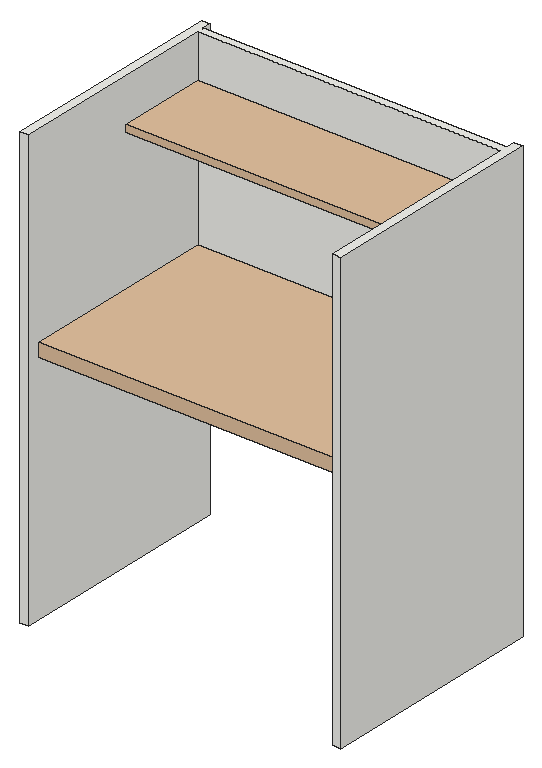
Revit family "M_Baia simples", category Equipamento especial, Revit 2019
Family settings
  Cota do conector redondo = Utilizar diâmetro
  Tipo de parte = Normal
  Número OmniClass = 23.40.50.27.21.17
  Título OmniClass = Study Carrels
  ID de item do Seek = Single Carrel-0000-CAN-ENU
  Com base no plano de trabalho = Não
  Sempre na vertical = Sim
  Corte com vazios quando carregada = Não
  Compartilhado = Não
  Ponto de cálculo do ambiente = Não
Parameters
  Material da partição = Laminado - Marfim, Fosco
  Material da mesa/prateleira = Cerejeira
  Largura = 900.00 mm
Reference planes
  plane 1 "Centro (Frente/Trás)": y = 0
  plane 2: z = 0
  plane 3 "Centro (Esquerda/Direita)": x = 0
  plane 4: x = -429.025
  plane 5: x = 420.975
  plane 6: y = -609.6
  plane 7: x = 445.975
  plane 8: x = -454.025
  plane 9: y = 25.4
  plane 10 "Superfície de trabalho": z = 698.5
Forms (mm)
  Extrusion 1, solid, material "Laminado - Marfim, Fosco" <- "Material da partição"
    sketch origin (0, 0, 0) x (1, 0, 0) y (0, 1, 0)
      loop
        line (-429.025, 0) -> (-429.025, 25.4) -> (-454.025, 25.4) -> (-454.025, -609.6) -> (-429.025, -609.6) -> (-429.025, -19.05) -> (420.975, -19.05) -> (420.975, -609.6) -> (445.975, -609.6) -> (445.975, 25.4) -> (420.975, 25.4) -> (420.975, 0) -> (-429.025, 0)
    from 0 to 1231.9
  Extrusion 2, solid, material "Cerejeira" <- "Material da mesa/prateleira"
    sketch origin (0, 0, 0) x (1, 0, 0) y (0, 1, 0)
      loop
        line (-429.025, -19.05) -> (-429.025, -577.85) -> (420.975, -577.85) -> (420.975, -19.05) -> (-429.025, -19.05)
    from 660.4 to 698.5
  Extrusion 3, void
    sketch origin (-429.025, -19.05, 1231.9) x (0, 0, -1) y (1, 0, 0)
      loop
        line (1231.9, 0) -> (1231.9, 850) -> (774.7, 850) -> (774.7, 0) -> (1231.9, 0)
    from -50.8 to 50.8
  Extrusion 4, solid, material "Cerejeira" <- "Material da mesa/prateleira"
    sketch origin (0, 0, 1231.9) x (1, 0, 0) y (0, 1, 0)
      loop
        line (-429.025, -19.05) -> (-429.025, -273.05) -> (420.975, -273.05) -> (420.975, -19.05) -> (-429.025, -19.05)
    from -139.7 to -120.65
Cuts and joins
  Extrusion 3 cuts Extrusion 1
  Extrusion 3 cuts Extrusion 2
Lines and regions (mm)
  Masking region 1
    outline origin (0, 0, 698.5) x (-1, 0, 0) y (0, -1, 0)
      loop
        line (429.025, 19.05) -> (429.025, 577.85) -> (-420.975, 577.85) -> (-420.975, 19.05) -> (429.025, 19.05)
  Masking region 2
    outline origin (0, 0, 0) x (1, 0, 0) y (0, 1, 0)
      loop
        line (-454.025, -609.6) -> (-429.025, -609.6) -> (-429.025, -19.05) -> (420.975, -19.05) -> (420.975, -609.6) -> (445.975, -609.6) -> (445.975, 25.4) -> (420.975, 25.4) -> (420.975, 0) -> (-429.025, 0) -> (-429.025, 25.4) -> (-454.025, 25.4) -> (-454.025, -609.6)
  symbolic lines
    curve 1: line (-429.025, -273.05, 0) -> (420.975, -273.05, 0)
Dimensions and locks
  locked: plane 8 to plane 4 at 25
  locked: plane 5 to plane 7 at 25
  "Largura": plane 8 to plane 7
  aligned and locked: Extrusion 4 to curve 1
  aligned and locked: Masking region 1 sketch curve to plane 4
  aligned and locked: plane 5 to Masking region 1 sketch curve
  aligned and locked: Masking region 1 sketch curve to cut or joined group of Extrusion 2, Extrusion 3
  aligned and locked: Masking region 1 sketch curve to cut or joined group of Extrusion 1, Extrusion 3
  aligned and locked: Masking region 2 sketch curve to plane 6  (x2)
  aligned and locked: plane 7 to Masking region 2 sketch curve
  aligned and locked: Masking region 2 sketch curve to plane 5  (x2)
  aligned and locked: plane 4 to Masking region 2 sketch curve  (x2)
  aligned and locked: Masking region 2 sketch curve to plane 8
  aligned and locked: plane 1 "Centro (Frente/Trás)" to Masking region 2 sketch curve
  aligned and locked: Masking region 2 sketch curve to cut or joined group of Extrusion 1, Extrusion 3
  aligned and locked: plane 9 to Masking region 2 sketch curve  (x2)
  aligned and locked: plane 4 to curve 1
  aligned and locked: plane 5 to curve 1
Automatic sketch dimensions
  Extrusion 1 sketch curve to plane 8 = 0.00 mm
  Extrusion 1 sketch curve to plane 4 = 0.00 mm  (x2)
  Extrusion 1 sketch curve to plane 1 "Centro (Frente/Trás)" = 0.00 mm
  Extrusion 1 sketch curve to plane 5 = 0.00 mm  (x2)
  Extrusion 1 sketch curve to plane 6 = 0.00 mm  (x2)
  Extrusion 1 sketch curve to plane 7 = 0.00 mm
  Extrusion 1 sketch curve to plane 9 = 0.00 mm  (x2)
  Extrusion 1 sketch curve to Extrusion 1 sketch curve = 19.05 mm
  Extrusion 2 sketch curve to plane 4 = 0.00 mm
  Extrusion 2 sketch curve to plane 5 = 0.00 mm
  Extrusion 2 sketch curve to plane 6 = 31.75 mm
  plane 1 "Centro (Frente/Trás)" to Extrusion 2 sketch curve = 19.05 mm
  Extrusion 3 sketch curve to plane 5 = 0.00 mm
  Extrusion 3 sketch curve to plane 4 = 0.00 mm
  Extrusion 3 sketch curve to level = 0.00 mm
  level to Extrusion 3 sketch curve = 457.20 mm
  Extrusion 4 sketch curve to plane 4 = 0.00 mm
  Extrusion 4 sketch curve to plane 5 = 0.00 mm
  plane 1 "Centro (Frente/Trás)" to Extrusion 4 sketch curve = 273.05 mm
  plane 1 "Centro (Frente/Trás)" to Extrusion 4 sketch curve = 19.05 mm
